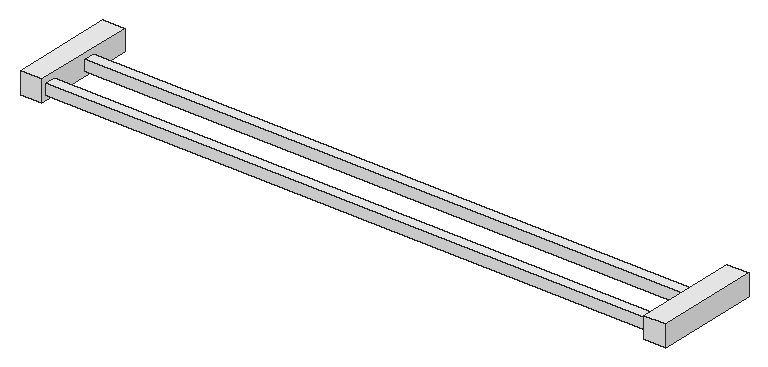
Revit family "Reece_Accessory_Mizu_Bloc MK2_Double Towel Rail", category Plumbing Fixtures, Revit 2018
Family settings
  Round Connector Dimension = Use Diameter
  Part Type = Normal
  Work Plane-Based = Yes
  Always vertical = Yes
  Cut with Voids When Loaded = Yes
  Shared = Yes
  Room Calculation Point = Yes
Parameters (values of type "760mm_Chrome")
  URL = "https://www.reece.com.au/product/-2263394"
  Type Comments = "Accessory"
  Reece_Overall_Width = 760 mm
  Reece_Product_Web Page = "https://www.reece.com.au/product/-2263394"
  Reece_Product_Type = "Accessory"  # constant formula
  Reece_Product_Sub Brand = "Bloc MK2"  # constant formula
  Reece_Product_Number = "2263394"
  Reece_Product_Mount = "Wall Mounted"
  Reece_Product_Description = "Mizu Bloc MK2 Double Towel Rail 760mm Chrome"
  Reece_Product_Brand = "Mizu"  # constant formula
  Reece_Overall_Projection = 122 mm  # constant formula
  Reece_Overall_Height = 25 mm  # constant formula
  Reece_Material_Main = Reece_Brass_Chrome
  Reece_Height_From_Level [instance] = 600 mm
  Reece_Detail_Disclaimer = "THIS FILE IS THE PROPERTY OF THE REECE GROUP. IT MAY NOT BE REPRODUCED, REVERSE-ENGINEERED OR MODIFIED. ANY REPUBLICATION, TRANSMISSION OR DISTRIBUTION FOR THE PURPOSE OF COMMERCIALLY EXPLOITING THE FILES IS PROHIBITED."  # constant formula
  Reece_Detail_Additional = "Double Towel Rail"  # constant formula
  Model = "Bloc MK2"
  Manufacturer = "Mizu"
  Keynote = "Product #2263394, Reece_Accessory_Mizu_Bloc MK2_Double Towel Rail - 760mm_Chrome"
  Disclaimer = "THIS FILE IS THE PROPERTY OF THE REECE GROUP. IT MAY NOT BE REPRODUCED, REVERSE-ENGINEERED OR MODIFIED. ANY REPUBLICATION, TRANSMISSION OR DISTRIBUTION FOR THE PURPOSE OF COMMERCIALLY EXPLOITING THE FILES IS PROHIBITED."  # constant formula
  Description = "Mizu Bloc MK2 Double Towel Rail 760mm Chrome"
  Default Elevation = 0 mm
  Bottom_Offset [instance] = if(Reece_Height_From_Level < 600 mm, 600 mm, if(Reece_Height_From_Level > 600 mm, Reece_Height_From_Level, if(Reece_Height_From_Level = 0 mm, Reece_Height_From_Level, Reece_Height_From_Level)))  # 600 mm
Types (6, lengths in mm): name | URL | Reece_Overall_Width | Reece_Product_Web Page | Reece_Product_Number | Reece_Product_Description | Reece_Material_Main | Keynote | Description
  (no name) | "https://www.reece.com.au/product/-2263392" | 550 | "https://www.reece.com.au/product/-2263392" | "2263392" | "Mizu Bloc MK2 Double Towel Rail 550mm Chrome" | Reece_Brass_Chrome | "Product #2263392, Reece_Accessory_Mizu_Bloc MK2_Double Towel Rail -  " | "Mizu Bloc MK2 Double Towel Rail 550mm Chrome"
  550mm_Chrome | "https://www.reece.com.au/product/-2263392" | 550 | "https://www.reece.com.au/product/-2263392" | "2263392" | "Mizu Bloc MK2 Double Towel Rail 550mm Chrome" | Reece_Brass_Chrome | "Product #2263392, Reece_Accessory_Mizu_Bloc MK2_Double Towel Rail - 550mm_Chrome" | "Mizu Bloc MK2 Double Towel Rail 550mm Chrome"
  660mm_Chrome | "https://www.reece.com.au/product/-2263393" | 660 | "https://www.reece.com.au/product/-2263393" | "2263393" | "Mizu Bloc MK2 Double Towel Rail 660mm Chrome" | Reece_Brass_Chrome | "Product #2263393, Reece_Accessory_Mizu_Bloc MK2_Double Towel Rail - 660mm_Chrome" | "Mizu Bloc MK2 Double Towel Rail 660mm Chrome"
  760mm_Chrome | "https://www.reece.com.au/product/-2263394" | 760 | "https://www.reece.com.au/product/-2263394" | "2263394" | "Mizu Bloc MK2 Double Towel Rail 760mm Chrome" | Reece_Brass_Chrome | "Product #2263394, Reece_Accessory_Mizu_Bloc MK2_Double Towel Rail - 760mm_Chrome" | "Mizu Bloc MK2 Double Towel Rail 760mm Chrome"
  900mm_Chrome | "https://www.reece.com.au/product/-2263395" | 900 | "https://www.reece.com.au/product/-2263395" | "2263395" | "Mizu Bloc MK2 Double Towel Rail 900mm Chrome" | Reece_Brass_Chrome | "Product #2263395, Reece_Accessory_Mizu_Bloc MK2_Double Towel Rail - 900mm_Chrome" | "Mizu Bloc MK2 Double Towel Rail 900mm Chrome"
  760mm_Matte Black | "https://www.reece.com.au/product/-9508789" | 760 | "https://www.reece.com.au/product/-9508789" | "9508789" | "Mizu Bloc MK2 Double Towel Rail 760mm Matte Black" | Reece_Brass_Matte Black | "Product #9508789, Reece_Accessory_Mizu_Bloc MK2_Double Towel Rail - 760mm_Matte Black" | "Mizu Bloc MK2 Double Towel Rail 760mm Matte Black"
Reference planes
  plane 1 "Center (Front/Back)": y = -90
  plane 2 "Bottom Host Plane": z = -5
  plane 3 "Center (Left/Right)": x = 0
  plane 4: y = -212
  plane 5: x = -355
  plane 6: x = 355
  plane 7 "Height From Floor": z = 600
  plane 8: z = 625
  plane 9: x = -380
  plane 10: x = 380
Forms (mm)
  Extrusion 1, solid, material "Reece_Brass_Chrome" <- "Reece_Material_Main"
    sketch origin (0, -90, 0) x (1, 0, 0) y (0, 0, 1)
      loop
        line (-380, 625) -> (-380, 600) -> (-355, 600) -> (-355, 625) -> (-380, 625)
    from 0 to 122
  Extrusion 2, solid, material "Reece_Brass_Chrome" <- "Reece_Material_Main"
    sketch origin (0, -90, 0) x (-1, 0, 0) y (0, 0, -1)
      loop
        line (-380, -625) -> (-355, -625) -> (-355, -600) -> (-380, -600) -> (-380, -625)
    from 0 to 122
  Extrusion 3, solid, material "Reece_Brass_Chrome" <- "Reece_Material_Main"
    sketch origin (-257.119, -540.951, 0) x (0, -1, 0) y (0, 0, 1)
      loop
        line (-346.651, 618.85) -> (-346.651, 606.15) -> (-333.951, 606.15) -> (-333.951, 618.85) -> (-346.651, 618.85)
      loop
        line (-404.351, 618.85) -> (-404.351, 606.15) -> (-391.651, 606.15) -> (-391.651, 618.85) -> (-404.351, 618.85)
    from -612.119 to 97.881
Cuts and joins
  joined: Extrusion 1, Extrusion 2
Lines and regions (mm)
  model lines, style "InvisibleLines"
    curve 1: line (0, -90, -5) -> (0, -90, 600)
Text (mm)
  text "Reece ©" at (2223.47, -2926.394, 2866.948), in view "Reece Preview"
  text "Reece Copyright © 2018, Reece Ltd." at (-620.741, -479.303, 0), in view "Ref. Level"
Dimensions and locks
  plane 7 "Height From Floor" to plane 8 = 25 mm
  equal spacing: plane 10, plane 3 "Center (Left/Right)", plane 9
  "Reece_Overall_Width": plane 9 to plane 10
  plane 9 to plane 5 = 25 mm
  plane 6 to plane 10 = 25 mm
  equal spacing: plane 9, plane 3 "Center (Left/Right)", plane 10
  "Bottom_Offset": plane 7 "Height From Floor" to level
  level to plane 7 "Height From Floor" = 600 mm  (x2)
  "Reece_Overall_Height": plane 8 to plane 7 "Height From Floor"
  "Reece_Overall_Projection": plane 4 to plane 1 "Center (Front/Back)"
  aligned and locked: plane 2 "Bottom Host Plane" to curve 1
  aligned and locked: plane 7 "Height From Floor" to curve 1
  aligned and locked: Extrusion 1 to plane 4
  aligned and locked: plane 4 to Extrusion 2
  aligned and locked: plane 5 to Extrusion 3
  aligned and locked: Extrusion 3 to plane 6
Automatic sketch dimensions
  curve 1 to plane 1 "Center (Front/Back)" = 0 mm
  Extrusion 1 sketch curve to plane 7 "Height From Floor" = 0 mm
  Extrusion 1 sketch curve to plane 9 = 0 mm
  plane 5 to Extrusion 1 sketch curve = 0 mm
  Extrusion 1 sketch curve to plane 8 = 0 mm
  Extrusion 2 sketch curve to plane 7 "Height From Floor" = 0 mm
  plane 10 to Extrusion 2 sketch curve = 0 mm
  plane 6 to Extrusion 2 sketch curve = 0 mm
  Extrusion 2 sketch curve to plane 8 = 0 mm
  plane 8 to Extrusion 3 sketch curve = 6.15 mm  (x2)
  plane 1 "Center (Front/Back)" to Extrusion 3 sketch curve = 46.6 mm
  Extrusion 3 sketch curve to plane 7 "Height From Floor" = 6.15 mm  (x2)
  Extrusion 3 sketch curve to Extrusion 3 sketch curve = 12.7 mm
  plane 4 to Extrusion 3 sketch curve = 17.7 mm
  plane 4 to Extrusion 3 sketch curve = 5 mm
